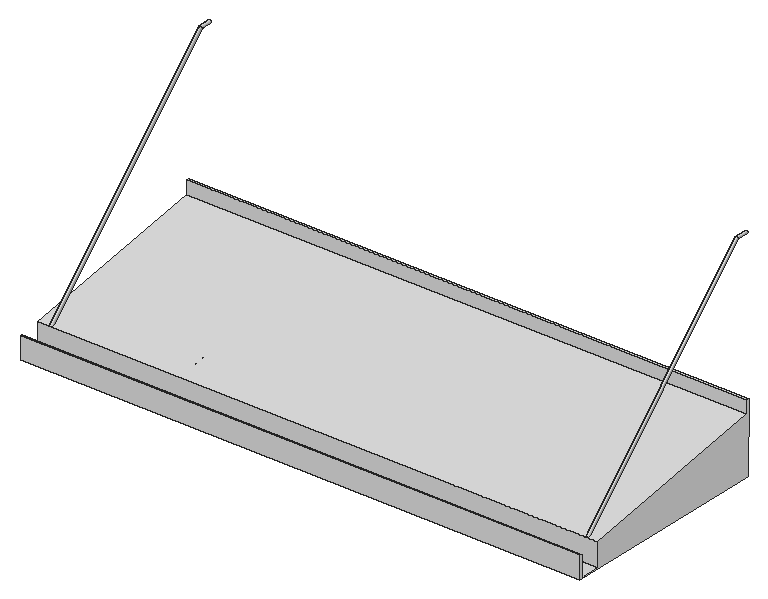
Revit family "Dock-Hood_Perma-Tech_Metal-Hood", category Generic Models, Revit 2026
Family settings
  Can host rebar = No
  Round Connector Dimension = Use Radius
  Part Type = Normal
  Work Plane-Based = Yes
  Always vertical = Yes
  Cut with Voids When Loaded = No
  Maintain Annotation Orientation = No
  Shared = No
  Room Calculation Point = No
Parameters (values of type "Perma Metal Hood with Guide Wire")
  X2 = Tabs Wire Count + 1  # 3
  X1 = Gusset Count + 1  # 4
  Width = 1' - 6"
  URL = "https://www.permatechinc.com/"
  Type Comments = ""
  Taps Wire Space = (Length - 0' 0 1/8") / X2  # 1' - 3.95833"
  Tabs Wire Count = 2
  Tabs Wire = yes
  Specification = "https://www.permatechinc.com/catalog/p-100052/perma-metal-hoods"
  Product Page URL = "https://www.permatechinc.com/catalog"
  Product Info = "https://www.arcat.com/arcatcos/cos51/arc51419.html"
  Product Documentation Link = "https://www.permatechinc.com/documents//metal-hoods/Metal-Hood-Guide-Wire-Spec-Sheet-PT19.pdf"
  Model = "Perma Metal Hood with Guide Wire"
  Manufacturer = "Perma Tech Inc."  # constant formula
  Keynote = ""
  Hood = WHITE
  Length = 4' - 0"
  Height = 0' - 6"
  Gusset Count = 3
  Description = ""
  Default Elevation = 0' - 0"  # constant formula
  Cost = 0
  Copyright = "2021 Perma Tech Inc."  # constant formula
  Frame Space = (Length - 0' 0 1/8") / X1  # 0' - 11 31/32"
  Assembly Code = ""
  Arcat Spec = "https://www.arcat.com/company/perma-tech--inc-51419/spec"
Types (3): name | Tabs Wire | Product Documentation Link | Model
  (no name) | no | "https://www.permatechinc.com/documents//metal-hoods/Metal-Hood-Spec-Sht-PT18.pdf" | "Perma Metal Hoods"
  Metal Hoods | no | "https://www.permatechinc.com/documents//metal-hoods/Metal-Hood-Spec-Sht-PT18.pdf" | "Perma Metal Hoods"
  Perma Metal Hood with Guide Wire | yes | "https://www.permatechinc.com/documents//metal-hoods/Metal-Hood-Guide-Wire-Spec-Sheet-PT19.pdf" | "Perma Metal Hood with Guide Wire"
Reference planes (in)
  plane 1 "Center (Front/Back)": y = 0
  plane 2: z = 0
  plane 3 "Center (Left/Right)": x = 0
  plane 4: y = -18
  plane 5: x = 24
  plane 6: x = -24
  plane 7: z = 6
  plane 8: z = 2
  plane 9: y = -16
  plane 10: z = 4.75
  plane 11: x = 23.875
  plane 12: x = -23.875
  plane 13: x = -23
  plane 14: x = 23
  plane 15: x = -23.9375
  plane 16: x = 23.9375
Forms (in)
  Extrusion 1, solid, material "WHITE" <- "Hood"
    sketch origin (0, 0, 0) x (0, 1, 0) y (0, 0, 1)
      loop
        line (0, 6) -> (-0.125, 6) -> (-0.125, 4.85535) -> (-16.125, 2.10535) -> (-16.125, 0.125) -> (-17.875, 0.125) -> (-17.875, 1.875) -> (-18, 1.875) -> (-18, 0) -> (-16, 0) -> (-16, 2) -> (0, 4.75) -> (0, 6)
    from -24 to 24
  Extrusion 2, solid, material "WHITE" <- "Hood"
    sketch origin (0, 0, 0) x (0, 1, 0) y (0, 0, 1)
      loop
        line (0, 4.75) -> (-16, 2) -> (-16, 0) -> (0, 0) -> (0, 4.75)
    from 23.875 to 24
  Extrusion 3, solid, material "WHITE" <- "Hood"
    sketch origin (0, 0, 0) x (0, 1, 0) y (0, 0, 1)
      loop
        line (0, 4.75) -> (-16, 2) -> (-16, 0) -> (0, 0) -> (0, 4.75)
    from -24 to -23.875
  Extrusion 4, solid, material "WHITE" <- "Hood"
    sketch origin (0, 0, 0) x (1, 0, 0) y (0, 0, 1)
      loop
        line (-23.875, 4.75) -> (-23.875, 0) -> (-23, 0) -> (-23, 4.75) -> (-23.875, 4.75)
      loop
        line (23.875, 4.75) -> (23, 4.75) -> (23, 0) -> (23.875, 0) -> (23.875, 4.75)
    from 0 to 0.125
Cuts and joins
  joined: Extrusion 1, Extrusion 2, Extrusion 3, Extrusion 4
Dimensions and locks (in)
  equal spacing: plane 6, plane 3 "Center (Left/Right)", plane 5
  "Length": plane 6 to plane 5
  "Width": plane 4 to plane 1 "Center (Front/Back)"
  "Height": plane 7 to level
  locked: plane 8 to level at 2
  locked: plane 9 to plane 4 at 2
  plane 6 to plane 5 = 4' - 0"
  plane 6 to plane 12 to plane 13 = 0' - 0 1/8" locked, 0' - 0 7/8" locked
  plane 14 to plane 11 to plane 5 = 0' - 0 7/8" locked, 0' - 0 1/8" locked
  equal spacing: plane 6, plane 15, plane 12, locked at 0.0625 each
  equal spacing: plane 11, plane 16, plane 5, locked at 0.0625 each
  "Frame Space": plane 15 to nested 1
  equal spacing: group 1, group 3, group 2  (x3)
  "Frame Space": nested 2 to plane 16
  locked: plane 10 to plane 7 at 1.25
  group 4 to group 5 = 3' - 10"
  group 4 to group 5 = 0' - 0"  (x2)
  aligned and locked: plane 2 to level
  aligned and locked: plane 1 "Center (Front/Back)" to Extrusion 1 sketch curve
  aligned and locked: plane 7 to Extrusion 1 sketch curve
  aligned and locked: plane 9 to Extrusion 1 sketch curve
  aligned and locked: plane 4 to Extrusion 1 sketch curve
  aligned and locked: level to Extrusion 1 sketch curve
  aligned and locked: plane 5 to Extrusion 1
  aligned and locked: plane 6 to Extrusion 1
  aligned and locked: plane 1 "Center (Front/Back)" to Extrusion 2 sketch curve
  aligned and locked: Extrusion 2 sketch curve to Extrusion 1
  aligned and locked: plane 9 to Extrusion 2 sketch curve
  aligned and locked: level to Extrusion 2 sketch curve
  aligned and locked: plane 1 "Center (Front/Back)" to Extrusion 3 sketch curve
  aligned and locked: plane 9 to Extrusion 3 sketch curve
  aligned and locked: level to Extrusion 3 sketch curve
  aligned and locked: Extrusion 3 sketch curve to Extrusion 1
  aligned and locked: plane 5 to Extrusion 2
  aligned and locked: Extrusion 2 to plane 11
  aligned and locked: plane 6 to Extrusion 3
  aligned and locked: Extrusion 3 to plane 12
  aligned and locked: plane 12 to Extrusion 4 sketch curve
  aligned and locked: plane 13 to Extrusion 4 sketch curve
  aligned and locked: Extrusion 4 sketch curve to plane 10
  aligned and locked: Extrusion 4 sketch curve to level
  aligned and locked: Extrusion 4 sketch curve to plane 14
  aligned and locked: Extrusion 4 sketch curve to plane 11
  aligned and locked: Extrusion 4 to plane 1 "Center (Front/Back)"
  aligned and locked: cut or joined group of Extrusion 1, Extrusion 2, Extrusion 3, Extrusion 4 to Extrusion 4
  aligned and locked: plane 1 "Center (Front/Back)" to nested 1
  aligned and locked: nested 1 to level
  aligned and locked: plane 9 to nested 4
  aligned and locked: plane 8 to nested 4
  aligned and locked: plane 14 to nested 5
  aligned and locked: nested 4 to plane 13
Automatic sketch dimensions
  plane 8 to Extrusion 1 sketch curve = 0' - 0"
  plane 10 to Extrusion 1 sketch curve = 0' - 0"
  Extrusion 1 sketch curve to plane 9 = 0' - 0 1/8"
  plane 1 "Center (Front/Back)" to Extrusion 1 sketch curve = 0' - 0 1/8"
  Extrusion 1 sketch curve to plane 8 = 0' - 0.10535"
  Extrusion 1 sketch curve to plane 10 = 0' - 0.10535"
  level to Extrusion 1 sketch curve = 0' - 0 1/8"
  plane 4 to Extrusion 1 sketch curve = 0' - 0 1/8"
  plane 8 to Extrusion 1 sketch curve = 0' - 0 1/8"
  Extrusion 4 sketch curve to level = 0' - 0"
  Extrusion 4 sketch curve to plane 10 = 0' - 0"
Nested families (in)
  nested 1: "01" at (-11.96875, 0, 0), Hood <- "Hood", Height <- "Height", Length <- "Length", Width <- "Width", type "Perma Metal Hoods  18" PROJ. x 6" H"
    with Width 1' - 6", Length 4' - 0", Hood WHITE, Height 0' - 6"
  nested 2: "01" at (11.96875, 0, 0), Hood <- "Hood", Height <- "Height", Length <- "Length", Width <- "Width", type "Perma Metal Hoods  18" PROJ. x 6" H"
    with Width 1' - 6", Length 4' - 0", Hood WHITE, Height 0' - 6"
  nested 3: "01" at (0, 0, 0), Hood <- "Hood", Height <- "Height", Length <- "Length", Width <- "Width", type "Perma Metal Hoods  18" PROJ. x 6" H"
    with Width 1' - 6", Length 4' - 0", Hood WHITE, Height 0' - 6"
  nested 4: "02" at (-23, 0, 0), Hood <- "Hood", Height <- "Height", Length <- "Length", Width <- "Width", visible <- "Tabs Wire", type "Perma Metal Hoods  18" PROJ. x 6" H"
    with Width 1' - 6", Length 4' - 0", Hood WHITE, Height 0' - 6"
  nested 5: "02" at (23, 0, 0), Hood <- "Hood", Height <- "Height", Length <- "Length", Width <- "Width", visible <- "Tabs Wire", type "Perma Metal Hoods  18" PROJ. x 6" H"
    with Width 1' - 6", Length 4' - 0", Hood WHITE, Height 0' - 6"
Definition of nested family "01"
  Parameters (values of type "Perma Metal Hoods  18" PROJ. x 6" H")
    Width [instance] = 1' - 6"
    URL = "https://www.permatechinc.com/"
    Specification = "https://www.permatechinc.com/catalog/p-100052/perma-metal-hoods"
    Product Page URL = "https://www.permatechinc.com/catalog"
    Product Documentation Link = "https://www.permatechinc.com/documents//metal-hoods/Metal-Hood-Spec-Sht-PT18.pdf"
    Model = "Perma Metal Hoods"
    Manufacturer = " Perma Tech Inc."  # constant formula
    Hood [instance] = none
    Length [instance] = 4' - 0"
    Height [instance] = 0' - 6"
    Default Elevation = 4' - 0"
    Copyright = "2021 Perma Tech Inc."  # constant formula
  Types (5): name | Width | Height
    (no name) | 1' - 6" | 0' - 6"
    Perma Metal Hoods  18" PROJ. x 6" H | 1' - 6" | 0' - 6"
    Perma Metal Hoods  24" PROJ. x 8" H | 2' - 0" | 0' - 8"
    Perma Metal Hoods  36" PROJ. x 12" H | 3' - 0" | 1' - 0"
    Perma Metal Hoods  48" PROJ. x 16" H | 4' - 0" | 1' - 4"
  Reference planes (in)
    plane 1 "Center (Front/Back)": y = 0
    plane 2: z = 0
    plane 3 "Center (Left/Right)": x = 0
    plane 4: y = -18
    plane 5: z = 6
    plane 6: z = 2
    plane 7: y = -16
    plane 8: z = 4.75
    plane 9: x = 0.06165
    plane 10: x = 0.49964
    plane 11: x = -0.49964
    plane 12: x = -0.06165
  Forms (in)
    Extrusion 1, solid, material <- "Hood"
      sketch origin (0, 0, 0) x (0, 1, 0) y (0, 0, 1)
        loop
          line (0, 4.75) -> (-16, 2) -> (-16, 0) -> (0, 0) -> (0, 4.75)
      from 0.06165 to -0.06165
    Extrusion 2, solid, material <- "Hood"
      sketch origin (0, 0, 0) x (1, 0, 0) y (0, 0, 1)
        loop
          line (-0.49964, 4.75) -> (-0.49964, 0) -> (0.49964, 0) -> (0.49964, 4.75) -> (-0.49964, 4.75)
      from 0 to 0.125
  Cuts and joins
    joined: Extrusion 1, Extrusion 2
  Dimensions and locks (in)
    "Width": plane 4 to plane 1 "Center (Front/Back)"
    "Height": plane 5 to level
    locked: plane 6 to level at 2
    locked: plane 7 to plane 4 at 2
    locked: plane 8 to plane 5 at 1.25
    plane 11 to plane 10 = 0' - 0.99928"
    equal spacing: plane 11, plane 3 "Center (Left/Right)", plane 10
    locked: plane 12 to plane 9 at 0.125
    equal spacing: plane 12, plane 3 "Center (Left/Right)", plane 9, locked at 0.06165 each
    aligned and locked: plane 2 to level
    aligned and locked: plane 1 "Center (Front/Back)" to Extrusion 1 sketch curve
    aligned and locked: plane 7 to Extrusion 1 sketch curve
    aligned and locked: level to Extrusion 1 sketch curve
    aligned and locked: Extrusion 1 to plane 9
    aligned and locked: Extrusion 2 sketch curve to plane 11
    aligned and locked: Extrusion 2 to plane 1 "Center (Front/Back)"
    aligned and locked: plane 12 to cut or joined group of Extrusion 1, Extrusion 2
    aligned and locked: Extrusion 2 sketch curve to plane 10
  Automatic sketch dimensions
    Extrusion 2 sketch curve to level = 0' - 0"
    Extrusion 2 sketch curve to plane 8 = 0' - 0"
    plane 6 to Extrusion 1 sketch curve = 0' - 0"
    plane 8 to Extrusion 1 sketch curve = 0' - 0"
Definition of nested family "02"
  Parameters (values of type "Perma Metal Hoods  48" PROJ. x 16" H")
    Width [instance] = 4' - 0"
    URL = "https://www.permatechinc.com/"
    Specification = "https://www.permatechinc.com/catalog/p-100052/perma-metal-hoods"
    Product Page URL = "https://www.permatechinc.com/catalog"
    Product Documentation Link = "https://www.permatechinc.com/documents//metal-hoods/Metal-Hood-Spec-Sht-PT18.pdf"
    Model = "Perma Metal Hoods"
    Manufacturer = " Perma Tech Inc."  # constant formula
    Hood [instance] = none
    Length [instance] = 4' - 0"
    Height [instance] = 1' - 4"
    Default Elevation = 4' - 0"
    Copyright = "2021 Perma Tech Inc."  # constant formula
  Types (4): name | Width | Height
    Perma Metal Hoods  18" PROJ. x 6" H | 1' - 6" | 0' - 6"
    Perma Metal Hoods  24" PROJ. x 8" H | 2' - 0" | 0' - 8"
    Perma Metal Hoods  36" PROJ. x 12" H | 3' - 0" | 1' - 0"
    Perma Metal Hoods  48" PROJ. x 16" H | 4' - 0" | 1' - 4"
  Reference planes (in)
    plane 1 "Center (Front/Back)": y = 0
    plane 2: z = 0
    plane 3 "Center (Left/Right)": x = 0
    plane 4: y = -48
    plane 5: z = 16
    plane 6: z = 2
    plane 7: y = -46
    plane 8: z = 14.75
    plane 9: x = 0.06165
    plane 10: x = 0.49964
    plane 11: x = -0.49964
    plane 12: x = -0.06165
  Forms (in)
    Sweep 1, solid, material <- "Hood"
      path origin (0, 0, 0) x (0, 1, 0) y (0, 0, 1)
        loop
          line (-46, 2) -> (0, 48) -> (1, 48)
      profile origin (0, -23, 25) x (0, -0.707107, 0.707107) y (1, 0, 0)
        loop
          circle (0, 0) r 0.12565
  Dimensions and locks (in)
    "Width": plane 4 to plane 1 "Center (Front/Back)"
    "Height": plane 5 to level
    locked: plane 6 to level at 2
    locked: plane 7 to plane 4 at 2
    locked: plane 8 to plane 5 at 1.25
    plane 11 to plane 10 = 0' - 0.99928"
    equal spacing: plane 11, plane 3 "Center (Left/Right)", plane 10
    locked: plane 12 to plane 9 at 0.125
    equal spacing: plane 12, plane 3 "Center (Left/Right)", plane 9, locked at 0.06165 each
    locked: Sweep 1 sketch curve to Sweep 1 sketch curve at 1
    locked: Sweep 1 sketch curve to plane 6 (angle 45.00°)
    aligned and locked: plane 2 to level
    aligned and locked: plane 1 "Center (Front/Back)" to Sweep 1 sketch curve
    aligned and locked: plane 6 to Sweep 1 sketch curve
    aligned and locked: plane 7 to Sweep 1 sketch curve
  Automatic sketch dimensions
    Sweep 1 sketch curve to plane 3 "Center (Left/Right)" = 0' - 0"
    Sweep 1 sketch curve to profile plane = 0' - 0"
    radius of Sweep 1 sketch curve = 0' - 0.12565"
